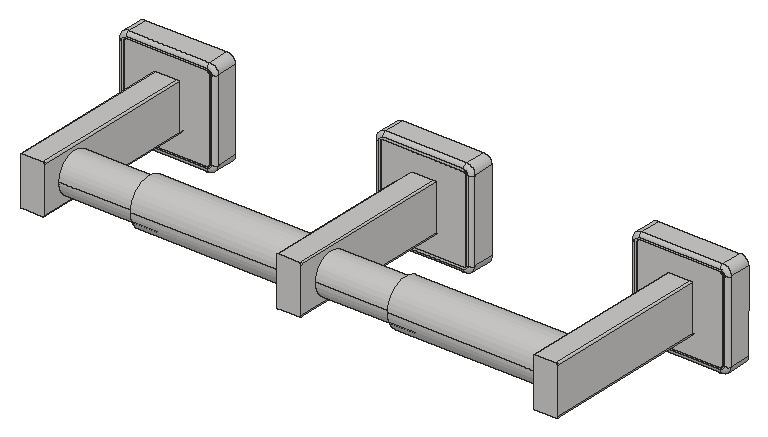
Revit family
Parameters (values of type "B-7686")
  URL = "http://www.bobrick.com/"
  Revised Date = "30/08/2013"
  Product URL = "http://www.bobrick.com/washroomaccessories/Pages/ProductDetails.aspx?Product+Number=B-76867"
  Phone # = "416.250.5656"
  Model = "B-7686"
  Material = Stainless Steel (Satin Finish)
  Manufacturer = "Bobrick"
  Designed By = "ATS BIM Team"
  Description = "DOUBLE-ROLL STAINLESS STEEL TOILET TISSUE DISPENSER"
  Assembly Code = "E2020200"
Reference planes (in)
  plane 1 "Center (Front/Back)": y = 0
  plane 2: z = 0
  plane 3 "Center (Left/Right)": x = 0
  plane 4: y = -3.9375
  plane 5: z = 20
  plane 6: z = 18
  plane 7: y = -0.5
  plane 8: z = 19
  plane 9: x = -5.25
  plane 10: x = -6.25
  plane 11: x = -4.25
  plane 12: x = 1
  plane 13: x = -1
  plane 14: x = 5.25
  plane 15: x = 6.25
  plane 16: x = 4.25
Forms (in)
  Sweep 1, solid, material "Stainless Steel (Satin Finish)" <- "Material"
    path origin (-2.625, 0, 0) x (1, 0, 0) y (0, 0, 1)
      loop
        arc (-3.45534, 19.875) -> (-3.48692, 19.86192) -> (-3.5, 19.83034) r 0.04466
        line (-3.5, 19.83034) -> (-3.5, 18.16966)
        arc (-3.5, 18.16966) -> (-3.48692, 18.13808) -> (-3.45534, 18.125) r 0.04466
        line (-3.45534, 18.125) -> (-1.79466, 18.125)
        arc (-1.79466, 18.125) -> (-1.76308, 18.13808) -> (-1.75, 18.16966) r 0.04466
        line (-1.75, 18.16966) -> (-1.75, 19.83034)
        arc (-1.75, 19.83034) -> (-1.76308, 19.86192) -> (-1.79466, 19.875) r 0.04466
        line (-1.79466, 19.875) -> (-3.45534, 19.875)
    profile origin (-5.25, 0, 19.875) x (0, 0, 1) y (0, -1, 0)
      loop
        line (0, 0) -> (0.125, 0) -> (0.125, 0.43237)
        arc (0.125, 0.43237) -> (0.09627, 0.47998) -> (0.0444, 0.5) r 0.08586
        line (0.0444, 0.5) -> (0, 0.5) -> (0, 0)
  Extrusion 2, solid, material "Stainless Steel (Satin Finish)" <- "Material"
    sketch origin (-2.625, 0, 0) x (1, 0, 0) y (0, 0, 1)
      loop
        arc (-3.5, 18.16966) -> (-3.48692, 18.13808) -> (-3.45534, 18.125) r 0.04466
        line (-3.45534, 18.125) -> (-1.79466, 18.125)
        arc (-1.79466, 18.125) -> (-1.76308, 18.13808) -> (-1.75, 18.16966) r 0.04466
        line (-1.75, 18.16966) -> (-1.75, 19.83034)
        arc (-1.75, 19.83034) -> (-1.76308, 19.86192) -> (-1.79466, 19.875) r 0.04466
        line (-1.79466, 19.875) -> (-3.45534, 19.875)
        arc (-3.45534, 19.875) -> (-3.48692, 19.86192) -> (-3.5, 19.83034) r 0.04466
        line (-3.5, 19.83034) -> (-3.5, 18.16966)
    from 0 to 0.5
  Extrusion 3, solid, material "Stainless Steel (Satin Finish)" <- "Material"
    sketch origin (-2.625, 0, 0) x (1, 0, 0) y (0, 0, 1)
      loop
        arc (-2.84381, 19.5) -> (-2.86587, 19.49087) -> (-2.875, 19.46881) r 0.03119
        line (-2.875, 19.46881) -> (-2.875, 18.53119)
        arc (-2.875, 18.53119) -> (-2.86587, 18.50913) -> (-2.84381, 18.5) r 0.03119
        line (-2.84381, 18.5) -> (-2.40619, 18.5)
        arc (-2.40619, 18.5) -> (-2.38413, 18.50913) -> (-2.375, 18.53119) r 0.03119
        line (-2.375, 18.53119) -> (-2.375, 19.46881)
        arc (-2.375, 19.46881) -> (-2.38413, 19.49087) -> (-2.40619, 19.5) r 0.03119
        line (-2.40619, 19.5) -> (-2.84381, 19.5)
    from 0 to 3.9375
  Sweep 4, solid, material "Stainless Steel (Satin Finish)" <- "Material"
    path origin (-2.625, 0, 0) x (-1, 0, 0) y (0, 0, 1)
      loop
        arc (-3.45534, 19.875) -> (-3.48692, 19.86192) -> (-3.5, 19.83034) r 0.04466
        line (-3.5, 19.83034) -> (-3.5, 18.16966)
        arc (-3.5, 18.16966) -> (-3.48692, 18.13808) -> (-3.45534, 18.125) r 0.04466
        line (-3.45534, 18.125) -> (-1.79466, 18.125)
        arc (-1.79466, 18.125) -> (-1.76308, 18.13808) -> (-1.75, 18.16966) r 0.04466
        line (-1.75, 18.16966) -> (-1.75, 19.83034)
        arc (-1.75, 19.83034) -> (-1.76308, 19.86192) -> (-1.79466, 19.875) r 0.04466
        line (-1.79466, 19.875) -> (-3.45534, 19.875)
    profile origin (0, 0, 19.875) x (0, 0, -1) y (0, -1, 0)
      loop
        line (0, 0) -> (0, 0.5) -> (-0.0444, 0.5)
        arc (-0.0444, 0.5) -> (-0.09627, 0.47998) -> (-0.125, 0.43237) r 0.08586
        line (-0.125, 0.43237) -> (-0.125, 0) -> (0, 0)
  Extrusion 5, solid, material "Stainless Steel (Satin Finish)" <- "Material"
    sketch origin (-2.625, 0, 0) x (-1, 0, 0) y (0, 0, -1)
      loop
        line (-3.5, -18.16966) -> (-3.5, -19.83034)
        arc (-3.5, -19.83034) -> (-3.48692, -19.86192) -> (-3.45534, -19.875) r 0.04466
        line (-3.45534, -19.875) -> (-1.79466, -19.875)
        arc (-1.79466, -19.875) -> (-1.76308, -19.86192) -> (-1.75, -19.83034) r 0.04466
        line (-1.75, -19.83034) -> (-1.75, -18.16966)
        arc (-1.75, -18.16966) -> (-1.76308, -18.13808) -> (-1.79466, -18.125) r 0.04466
        line (-1.79466, -18.125) -> (-3.45534, -18.125)
        arc (-3.45534, -18.125) -> (-3.48692, -18.13808) -> (-3.5, -18.16966) r 0.04466
    from 0 to 0.5
  Extrusion 6, solid, material "Stainless Steel (Satin Finish)" <- "Material"
    sketch origin (-2.625, 0, 0) x (-1, 0, 0) y (0, 0, -1)
      loop
        line (-2.84381, -19.5) -> (-2.40619, -19.5)
        arc (-2.40619, -19.5) -> (-2.38413, -19.49087) -> (-2.375, -19.46881) r 0.03119
        line (-2.375, -19.46881) -> (-2.375, -18.53119)
        arc (-2.375, -18.53119) -> (-2.38413, -18.50913) -> (-2.40619, -18.5) r 0.03119
        line (-2.40619, -18.5) -> (-2.84381, -18.5)
        arc (-2.84381, -18.5) -> (-2.86587, -18.50913) -> (-2.875, -18.53119) r 0.03119
        line (-2.875, -18.53119) -> (-2.875, -19.46881)
        arc (-2.875, -19.46881) -> (-2.86587, -19.49087) -> (-2.84381, -19.5) r 0.03119
    from 0 to 3.9375
  Extrusion 7, solid, material "Stainless Steel (Satin Finish)" <- "Material"
    sketch origin (-2.625, 0.24878, 0) x (0, 1, 0) y (0, 0, 1)
      loop
        circle (-3.43628, 19) r 0.46997
    from -0.83738 to 2.375
  Extrusion 8, solid, material "Stainless Steel (Satin Finish)" <- "Material"
    sketch origin (-2.625, 0.24878, 0) x (0, 1, 0) y (0, 0, 1)
      loop
        circle (-3.43628, 19) r 0.40747
    from -2.375 to 0
  Sweep 9, solid, material "Stainless Steel (Satin Finish)" <- "Material"
    path origin (2.625, 0, 0) x (-1, 0, 0) y (0, 0, -1)
      loop
        line (-3.45534, -19.875) -> (-1.79466, -19.875)
        arc (-1.79466, -19.875) -> (-1.76308, -19.86192) -> (-1.75, -19.83034) r 0.04466
        line (-1.75, -19.83034) -> (-1.75, -18.16966)
        arc (-1.75, -18.16966) -> (-1.76308, -18.13808) -> (-1.79466, -18.125) r 0.04466
        line (-1.79466, -18.125) -> (-3.45534, -18.125)
        arc (-3.45534, -18.125) -> (-3.48692, -18.13808) -> (-3.5, -18.16966) r 0.04466
        line (-3.5, -18.16966) -> (-3.5, -19.83034)
        arc (-3.5, -19.83034) -> (-3.48692, -19.86192) -> (-3.45534, -19.875) r 0.04466
    profile origin (5.25, 0, 19.875) x (0, 0, -1) y (0, -1, 0)
      loop
        line (0, 0) -> (0, 0.5) -> (-0.0444, 0.5)
        arc (-0.0444, 0.5) -> (-0.09627, 0.47998) -> (-0.125, 0.43237) r 0.08586
        line (-0.125, 0.43237) -> (-0.125, 0) -> (0, 0)
  Extrusion 10, solid, material "Stainless Steel (Satin Finish)" <- "Material"
    sketch origin (2.625, 0, 0) x (-1, 0, 0) y (0, 0, -1)
      loop
        line (-3.5, -18.16966) -> (-3.5, -19.83034)
        arc (-3.5, -19.83034) -> (-3.48692, -19.86192) -> (-3.45534, -19.875) r 0.04466
        line (-3.45534, -19.875) -> (-1.79466, -19.875)
        arc (-1.79466, -19.875) -> (-1.76308, -19.86192) -> (-1.75, -19.83034) r 0.04466
        line (-1.75, -19.83034) -> (-1.75, -18.16966)
        arc (-1.75, -18.16966) -> (-1.76308, -18.13808) -> (-1.79466, -18.125) r 0.04466
        line (-1.79466, -18.125) -> (-3.45534, -18.125)
        arc (-3.45534, -18.125) -> (-3.48692, -18.13808) -> (-3.5, -18.16966) r 0.04466
    from 0 to 0.5
  Extrusion 11, solid, material "Stainless Steel (Satin Finish)" <- "Material"
    sketch origin (2.625, 0, 0) x (-1, 0, 0) y (0, 0, -1)
      loop
        line (-2.84381, -19.5) -> (-2.40619, -19.5)
        arc (-2.40619, -19.5) -> (-2.38413, -19.49087) -> (-2.375, -19.46881) r 0.03119
        line (-2.375, -19.46881) -> (-2.375, -18.53119)
        arc (-2.375, -18.53119) -> (-2.38413, -18.50913) -> (-2.40619, -18.5) r 0.03119
        line (-2.40619, -18.5) -> (-2.84381, -18.5)
        arc (-2.84381, -18.5) -> (-2.86587, -18.50913) -> (-2.875, -18.53119) r 0.03119
        line (-2.875, -18.53119) -> (-2.875, -19.46881)
        arc (-2.875, -19.46881) -> (-2.86587, -19.49087) -> (-2.84381, -19.5) r 0.03119
    from 0 to 3.9375
  Extrusion 12, solid, material "Stainless Steel (Satin Finish)" <- "Material"
    sketch origin (2.625, 0.24878, 0) x (0, 1, 0) y (0, 0, 1)
      loop
        circle (-3.43628, 19) r 0.46997
    from -0.83738 to 2.375
  Extrusion 13, solid, material "Stainless Steel (Satin Finish)" <- "Material"
    sketch origin (2.625, 0.24878, 0) x (0, 1, 0) y (0, 0, 1)
      loop
        circle (-3.43628, 19) r 0.40747
    from -2.375 to 0
Dimensions and locks (in)
  plane 4 to plane 1 "Center (Front/Back)" = 0' - 3 15/16"
  plane 5 to plane 6 = 0' - 2"
  plane 6 to plane 5 = 0' - 2"
  plane 7 to plane 1 "Center (Front/Back)" = 0' - 0 1/2"  (x2)
  plane 9 to plane 3 "Center (Left/Right)" to plane 14 = 0' - 5 1/4", 0' - 5 1/4"
  plane 10 to plane 11 = 0' - 2"
  plane 1 "Center (Front/Back)" to plane 4 = 0' - 3 15/16"
  plane 9 to plane 3 "Center (Left/Right)" = 0' - 5 1/4"
  plane 15 to plane 16 = 0' - 2"
  plane 15 to plane 10 = 1' - 0 1/2"
